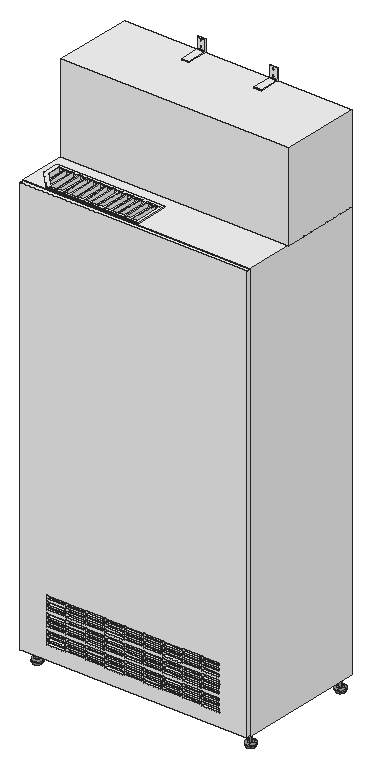
Revit family "AME 900 F SSL", category Mechanical Equipment, Revit 2019
Family settings
  Round Connector Dimension = Use Diameter
  Part Type = Normal
  OmniClass Number = 23.75.00.00
  OmniClass Title = Climate Control (HVAC)
  Work Plane-Based = No
  Always vertical = Yes
  Cut with Voids When Loaded = No
  Shared = No
  Room Calculation Point = No
Parameters
  not Flashing [instance] = not(Flashing)  # yes
  Weight (Standard Unit) = 301.5  # constant formula
  Water heating surface in = "1/2\" (DN 15)"
  Water heating surface Return = "1/2\" (DN 15)"
  Water Heater Surface Return = 15 mm  # constant formula
  Water Heater Surface IN = 15 mm  # constant formula
  Version = "1.0"
  URL = "www.airmaster-as.com"
  Total Width = 1150 mm  # constant formula
  Total Hight = 2120 mm  # constant formula
  Suply Air In = 315 mm  # constant formula
  Publication date = "11.06.2025"
  Nominal current, electrical preheating surface = "10 A"
  Nominal current, electrical comfort heating surface = "7,39 A"
  Nominal current, air handling unit = "2,76 A"
  Network Conection = "AWG 24 CAT 5e STP"
  Model = "AM 950 F SSL"
  Max. flow rate 35 dB(A) with ePM10 55% filters = 912.00 m³  # constant formula
  Max. flow rate 35 dB(A) with ePM10 50% filters = 915.00 m³  # constant formula
  Max. flow rate 30 dB(A) with ePM10 55% filters = 715.00 m³  # constant formula
  Max. flow rate 30 dB(A) with ePM10 50% filters = 730.00 m³  # constant formula
  Manufacturer = "Airmaster A/S"
  Maintenance [instance] = no
  Flashing [instance] = no
  Exhaust Air = 315 mm  # constant formula
  Total Depth = 661 mm  # constant formula
  Electrical connection = "220-240V/50Hz, ~1N+PE or 220-240V/50Hz, ~3N+PE"
  Drawn By = "LSB"
  Condensate conector = "Ø6/9 mm"
  Condensate = 9 mm  # constant formula
  BMS Panel = "(PTS) 2x2x0,6"
  BMS Out = "(PTS) 2x2x0,6"
  BMS IN = "(PTS) 2x2x0,6"
  Airflow area [instance] = no
Reference planes
  plane 1 "Center (Front/Back)": y = 0
  plane 2: z = -30
  plane 3 "Center (Left/Right)": x = 0
  plane 4 "Center L/S": y = -661
  plane 5 "Center L/T": x = -575
  plane 6 "Center L/U": x = 575
  plane 7 "TOP": z = 2090
Forms (mm)
  Extrusion 1, solid, material "AM Grey"
    sketch origin (0, 0, 2121) x (1, 0, 0) y (0, 1, 0)
      loop
        circle (-375, -200) r 157.5
      loop
        circle (-375, -200) r 154.5
    from 0 to 34
  Extrusion 2, solid, material "AM Grey"
    sketch origin (0, 0, 2121) x (-1, 0, 0) y (0, -1, 0)
      loop
        circle (-375, 200) r 157.5
      loop
        circle (-375, 200) r 154.5
    from 0 to 34
  Blend 3, void
    base sketch origin (50, 0, 2121) x (0, 1, 0) y (-1, 0, 0)
      loop
        line (-614.869, 458.066) -> (-614.869, 415.733) -> (-478.869, 484.733) -> (-478.869, 527.066) -> (-614.869, 458.066)
    top sketch origin (50, 0, 2121) x (0, 1, 0) y (-1, 0, 0)
      loop
        line (-478.869, 497.066) -> (-614.869, 428.066) -> (-614.869, 385.733) -> (-478.869, 454.733) -> (-478.869, 497.066)
    from 0 to -30
  Blend 4, void
    base sketch origin (99.25, 0, 2121) x (0, 1, 0) y (-1, 0, 0)
      loop
        line (-614.869, 458.066) -> (-614.869, 415.733) -> (-478.869, 484.733) -> (-478.869, 527.066) -> (-614.869, 458.066)
    top sketch origin (99.25, 0, 2121) x (0, 1, 0) y (-1, 0, 0)
      loop
        line (-478.869, 497.066) -> (-614.869, 428.066) -> (-614.869, 385.733) -> (-478.869, 454.733) -> (-478.869, 497.066)
    from 0 to -30
  Blend 5, void
    base sketch origin (148.5, 0, 2121) x (0, 1, 0) y (-1, 0, 0)
      loop
        line (-614.869, 458.066) -> (-614.869, 415.733) -> (-478.869, 484.733) -> (-478.869, 527.066) -> (-614.869, 458.066)
    top sketch origin (148.5, 0, 2121) x (0, 1, 0) y (-1, 0, 0)
      loop
        line (-478.869, 497.066) -> (-614.869, 428.066) -> (-614.869, 385.733) -> (-478.869, 454.733) -> (-478.869, 497.066)
    from 0 to -30
  Blend 6, void
    base sketch origin (197.75, 0, 2121) x (0, 1, 0) y (-1, 0, 0)
      loop
        line (-614.869, 458.066) -> (-614.869, 415.733) -> (-478.869, 484.733) -> (-478.869, 527.066) -> (-614.869, 458.066)
    top sketch origin (197.75, 0, 2121) x (0, 1, 0) y (-1, 0, 0)
      loop
        line (-478.869, 497.066) -> (-614.869, 428.066) -> (-614.869, 385.733) -> (-478.869, 454.733) -> (-478.869, 497.066)
    from 0 to -30
  Blend 7, void
    base sketch origin (247, 0, 2121) x (0, 1, 0) y (-1, 0, 0)
      loop
        line (-614.869, 458.066) -> (-614.869, 415.733) -> (-478.869, 484.733) -> (-478.869, 527.066) -> (-614.869, 458.066)
    top sketch origin (247, 0, 2121) x (0, 1, 0) y (-1, 0, 0)
      loop
        line (-478.869, 497.066) -> (-614.869, 428.066) -> (-614.869, 385.733) -> (-478.869, 454.733) -> (-478.869, 497.066)
    from 0 to -30
  Blend 8, void
    base sketch origin (296.25, 0, 2121) x (0, 1, 0) y (-1, 0, 0)
      loop
        line (-614.869, 458.066) -> (-614.869, 415.733) -> (-478.869, 484.733) -> (-478.869, 527.066) -> (-614.869, 458.066)
    top sketch origin (296.25, 0, 2121) x (0, 1, 0) y (-1, 0, 0)
      loop
        line (-478.869, 497.066) -> (-614.869, 428.066) -> (-614.869, 385.733) -> (-478.869, 454.733) -> (-478.869, 497.066)
    from 0 to -30
  Blend 9, void
    base sketch origin (345.5, 0, 2121) x (0, 1, 0) y (-1, 0, 0)
      loop
        line (-614.869, 458.066) -> (-614.869, 415.733) -> (-478.869, 484.733) -> (-478.869, 527.066) -> (-614.869, 458.066)
    top sketch origin (345.5, 0, 2121) x (0, 1, 0) y (-1, 0, 0)
      loop
        line (-478.869, 497.066) -> (-614.869, 428.066) -> (-614.869, 385.733) -> (-478.869, 454.733) -> (-478.869, 497.066)
    from 0 to -30
  Blend 10, void
    base sketch origin (-51, 0, 2121) x (0, -1, 0) y (1, 0, 0)
      loop
        line (614.869, 458.066) -> (478.869, 527.066) -> (478.869, 484.733) -> (614.869, 415.733) -> (614.869, 458.066)
    top sketch origin (-51, 0, 2121) x (0, -1, 0) y (1, 0, 0)
      loop
        line (478.869, 497.066) -> (478.869, 454.733) -> (614.869, 385.733) -> (614.869, 428.066) -> (478.869, 497.066)
    from 0 to -30
  Blend 11, void
    base sketch origin (-100.25, 0, 2121) x (0, -1, 0) y (1, 0, 0)
      loop
        line (614.869, 458.066) -> (478.869, 527.066) -> (478.869, 484.733) -> (614.869, 415.733) -> (614.869, 458.066)
    top sketch origin (-100.25, 0, 2121) x (0, -1, 0) y (1, 0, 0)
      loop
        line (478.869, 497.066) -> (478.869, 454.733) -> (614.869, 385.733) -> (614.869, 428.066) -> (478.869, 497.066)
    from 0 to -30
  Blend 12, void
    base sketch origin (-149.5, 0, 2121) x (0, -1, 0) y (1, 0, 0)
      loop
        line (614.869, 458.066) -> (478.869, 527.066) -> (478.869, 484.733) -> (614.869, 415.733) -> (614.869, 458.066)
    top sketch origin (-149.5, 0, 2121) x (0, -1, 0) y (1, 0, 0)
      loop
        line (478.869, 497.066) -> (478.869, 454.733) -> (614.869, 385.733) -> (614.869, 428.066) -> (478.869, 497.066)
    from 0 to -30
  Blend 13, void
    base sketch origin (-198.75, 0, 2121) x (0, -1, 0) y (1, 0, 0)
      loop
        line (614.869, 458.066) -> (478.869, 527.066) -> (478.869, 484.733) -> (614.869, 415.733) -> (614.869, 458.066)
    top sketch origin (-198.75, 0, 2121) x (0, -1, 0) y (1, 0, 0)
      loop
        line (478.869, 497.066) -> (478.869, 454.733) -> (614.869, 385.733) -> (614.869, 428.066) -> (478.869, 497.066)
    from 0 to -30
  Blend 14, void
    base sketch origin (-248, 0, 2121) x (0, -1, 0) y (1, 0, 0)
      loop
        line (614.869, 458.066) -> (478.869, 527.066) -> (478.869, 484.733) -> (614.869, 415.733) -> (614.869, 458.066)
    top sketch origin (-248, 0, 2121) x (0, -1, 0) y (1, 0, 0)
      loop
        line (478.869, 497.066) -> (478.869, 454.733) -> (614.869, 385.733) -> (614.869, 428.066) -> (478.869, 497.066)
    from 0 to -30
  Blend 15, void
    base sketch origin (-297.25, 0, 2121) x (0, -1, 0) y (1, 0, 0)
      loop
        line (614.869, 458.066) -> (478.869, 527.066) -> (478.869, 484.733) -> (614.869, 415.733) -> (614.869, 458.066)
    top sketch origin (-297.25, 0, 2121) x (0, -1, 0) y (1, 0, 0)
      loop
        line (478.869, 497.066) -> (478.869, 454.733) -> (614.869, 385.733) -> (614.869, 428.066) -> (478.869, 497.066)
    from 0 to -30
  Blend 16, void
    base sketch origin (-346.5, 0, 2121) x (0, -1, 0) y (1, 0, 0)
      loop
        line (614.869, 458.066) -> (478.869, 527.066) -> (478.869, 484.733) -> (614.869, 415.733) -> (614.869, 458.066)
    top sketch origin (-346.5, 0, 2121) x (0, -1, 0) y (1, 0, 0)
      loop
        line (478.869, 497.066) -> (478.869, 454.733) -> (614.869, 385.733) -> (614.869, 428.066) -> (478.869, 497.066)
    from 0 to -30
  Extrusion 17, solid, material "AM White"
    sketch origin (-528.607, 0, 0) x (1, 0, 0) y (0, 0, -1)
      loop
        line (12.024, -2140.408) -> (3.517, -2158.651) -> (15.062, -2175.14) -> (35.115, -2173.386) -> (43.622, -2155.142) -> (32.076, -2138.654) -> (12.024, -2140.408)
    from 0 to 34
  Extrusion 18, solid, material "AM White"
    sketch origin (0, 0, 44.5) x (1, 0, 0) y (0, 1, 0)
      loop
        line (-575, 0) -> (-575, -641) -> (575, -641) -> (575, 0) -> (-575, 0)
    from 0 to 2120 <- "Total Hight"
  Extrusion 19, solid, material "AM White", detail levels fine
    sketch origin (0, -661, 74.5) x (1, 0, 0) y (0, 0, -1)
      loop
        arc (-572.5, 30) -> (-574.268, 29.268) -> (-575, 27.5) r 2.5
        line (-575, 27.5) -> (-575, -2087.5)
        arc (-575, -2087.5) -> (-574.268, -2089.268) -> (-572.5, -2090) r 2.5
        line (-572.5, -2090) -> (572.5, -2090)
        arc (572.5, -2090) -> (574.268, -2089.268) -> (575, -2087.5) r 2.5
        line (575, -2087.5) -> (575, 27.5)
        arc (575, 27.5) -> (574.268, 29.268) -> (572.5, 30) r 2.5
        line (572.5, 30) -> (-572.5, 30)
    from 0 to 20
  Extrusion 20, solid, material "AM White", visible <- "not Flashing", detail levels fine
    sketch origin (-164, -474.5, 516.098) x (0, 1, 0) y (0, 0, -1)
      loop
        arc (474.5, -2098.402) -> (472.743, -2094.159) -> (468.5, -2092.402) r 6
        line (468.5, -2092.402) -> (369.5, -2092.402) -> (369.5, -2095.402) -> (468.5, -2095.402)
        arc (468.5, -2095.402) -> (470.621, -2096.28) -> (471.5, -2098.402) r 3
        line (471.5, -2098.402) -> (471.5, -2151.402) -> (474.5, -2151.402) -> (474.5, -2098.402)
    from 0 to 38
  Extrusion 21, solid, material "AM White", visible <- "not Flashing", detail levels fine
    sketch origin (202, -474.5, 516.098) x (0, 1, 0) y (0, 0, -1)
      loop
        arc (474.5, -2098.402) -> (472.743, -2094.159) -> (468.5, -2092.402) r 6
        line (468.5, -2092.402) -> (369.5, -2092.402) -> (369.5, -2095.402) -> (468.5, -2095.402)
        arc (468.5, -2095.402) -> (470.621, -2096.28) -> (471.5, -2098.402) r 3
        line (471.5, -2098.402) -> (471.5, -2151.402) -> (474.5, -2151.402) -> (474.5, -2098.402)
    from 0 to 38
  Extrusion 22, void
    sketch origin (0, -661, 109.5) x (1, 0, 0) y (0, 0, -1)
      loop
        arc (-438.016, -5) -> (-438.712, -5.288) -> (-439, -5.984) r 0.984
        line (-439, -5.984) -> (-439, -23.016)
        arc (-439, -23.016) -> (-438.712, -23.712) -> (-438.016, -24) r 0.984
        line (-438.016, -24) -> (-346.984, -24)
        arc (-346.984, -24) -> (-346.288, -23.712) -> (-346, -23.016) r 0.984
        line (-346, -23.016) -> (-346, -5.984)
        arc (-346, -5.984) -> (-346.288, -5.288) -> (-346.984, -5) r 0.984
        line (-346.984, -5) -> (-438.016, -5)
      loop
        arc (-438.016, -29) -> (-438.712, -29.288) -> (-439, -29.984) r 0.984
        line (-439, -29.984) -> (-439, -47.016)
        arc (-439, -47.016) -> (-438.712, -47.712) -> (-438.016, -48) r 0.984
        line (-438.016, -48) -> (-346.984, -48)
        arc (-346.984, -48) -> (-346.288, -47.712) -> (-346, -47.016) r 0.984
        line (-346, -47.016) -> (-346, -29.984)
        arc (-346, -29.984) -> (-346.288, -29.288) -> (-346.984, -29) r 0.984
        line (-346.984, -29) -> (-438.016, -29)
      loop
        arc (-438.016, -53) -> (-438.712, -53.288) -> (-439, -53.984) r 0.984
        line (-439, -53.984) -> (-439, -71.016)
        arc (-439, -71.016) -> (-438.712, -71.712) -> (-438.016, -72) r 0.984
        line (-438.016, -72) -> (-346.984, -72)
        arc (-346.984, -72) -> (-346.288, -71.712) -> (-346, -71.016) r 0.984
        line (-346, -71.016) -> (-346, -53.984)
        arc (-346, -53.984) -> (-346.288, -53.288) -> (-346.984, -53) r 0.984
        line (-346.984, -53) -> (-438.016, -53)
      loop
        arc (-438.016, -84) -> (-438.712, -84.288) -> (-439, -84.984) r 0.984
        line (-439, -84.984) -> (-439, -102.016)
        arc (-439, -102.016) -> (-438.712, -102.712) -> (-438.016, -103) r 0.984
        line (-438.016, -103) -> (-346.984, -103)
        arc (-346.984, -103) -> (-346.288, -102.712) -> (-346, -102.016) r 0.984
        line (-346, -102.016) -> (-346, -84.984)
        arc (-346, -84.984) -> (-346.288, -84.288) -> (-346.984, -84) r 0.984
        line (-346.984, -84) -> (-438.016, -84)
      loop
        arc (-438.016, -108) -> (-438.712, -108.288) -> (-439, -108.984) r 0.984
        line (-439, -108.984) -> (-439, -126.016)
        arc (-439, -126.016) -> (-438.712, -126.712) -> (-438.016, -127) r 0.984
        line (-438.016, -127) -> (-346.984, -127)
        arc (-346.984, -127) -> (-346.288, -126.712) -> (-346, -126.016) r 0.984
        line (-346, -126.016) -> (-346, -108.984)
        arc (-346, -108.984) -> (-346.288, -108.288) -> (-346.984, -108) r 0.984
        line (-346.984, -108) -> (-438.016, -108)
      loop
        arc (-438.016, -132) -> (-438.712, -132.288) -> (-439, -132.984) r 0.984
        line (-439, -132.984) -> (-439, -150.016)
        arc (-439, -150.016) -> (-438.712, -150.712) -> (-438.016, -151) r 0.984
        line (-438.016, -151) -> (-346.984, -151)
        arc (-346.984, -151) -> (-346.288, -150.712) -> (-346, -150.016) r 0.984
        line (-346, -150.016) -> (-346, -132.984)
        arc (-346, -132.984) -> (-346.288, -132.288) -> (-346.984, -132) r 0.984
        line (-346.984, -132) -> (-438.016, -132)
      loop
        arc (-438.016, -163) -> (-438.712, -163.288) -> (-439, -163.984) r 0.984
        line (-439, -163.984) -> (-439, -181.016)
        arc (-439, -181.016) -> (-438.712, -181.712) -> (-438.016, -182) r 0.984
        line (-438.016, -182) -> (-346.984, -182)
        arc (-346.984, -182) -> (-346.288, -181.712) -> (-346, -181.016) r 0.984
        line (-346, -181.016) -> (-346, -163.984)
        arc (-346, -163.984) -> (-346.288, -163.288) -> (-346.984, -163) r 0.984
        line (-346.984, -163) -> (-438.016, -163)
      loop
        arc (-438.016, -187) -> (-438.712, -187.288) -> (-439, -187.984) r 0.984
        line (-439, -187.984) -> (-439, -205.016)
        arc (-439, -205.016) -> (-438.712, -205.712) -> (-438.016, -206) r 0.984
        line (-438.016, -206) -> (-346.984, -206)
        arc (-346.984, -206) -> (-346.288, -205.712) -> (-346, -205.016) r 0.984
        line (-346, -205.016) -> (-346, -187.984)
        arc (-346, -187.984) -> (-346.288, -187.288) -> (-346.984, -187) r 0.984
        line (-346.984, -187) -> (-438.016, -187)
      loop
        arc (-438.016, -211) -> (-438.712, -211.288) -> (-439, -211.984) r 0.984
        line (-439, -211.984) -> (-439, -229.016)
        arc (-439, -229.016) -> (-438.712, -229.712) -> (-438.016, -230) r 0.984
        line (-438.016, -230) -> (-346.984, -230)
        arc (-346.984, -230) -> (-346.288, -229.712) -> (-346, -229.016) r 0.984
        line (-346, -229.016) -> (-346, -211.984)
        arc (-346, -211.984) -> (-346.288, -211.288) -> (-346.984, -211) r 0.984
        line (-346.984, -211) -> (-438.016, -211)
      loop
        arc (-340.016, -5) -> (-340.712, -5.288) -> (-341, -5.984) r 0.984
        line (-341, -5.984) -> (-341, -23.016)
        arc (-341, -23.016) -> (-340.712, -23.712) -> (-340.016, -24) r 0.984
        line (-340.016, -24) -> (-248.984, -24)
        arc (-248.984, -24) -> (-248.288, -23.712) -> (-248, -23.016) r 0.984
        line (-248, -23.016) -> (-248, -5.984)
        arc (-248, -5.984) -> (-248.288, -5.288) -> (-248.984, -5) r 0.984
        line (-248.984, -5) -> (-340.016, -5)
      loop
        arc (-340.016, -29) -> (-340.712, -29.288) -> (-341, -29.984) r 0.984
        line (-341, -29.984) -> (-341, -47.016)
        arc (-341, -47.016) -> (-340.712, -47.712) -> (-340.016, -48) r 0.984
        line (-340.016, -48) -> (-248.984, -48)
        arc (-248.984, -48) -> (-248.288, -47.712) -> (-248, -47.016) r 0.984
        line (-248, -47.016) -> (-248, -29.984)
        arc (-248, -29.984) -> (-248.288, -29.288) -> (-248.984, -29) r 0.984
        line (-248.984, -29) -> (-340.016, -29)
      loop
        arc (-340.016, -53) -> (-340.712, -53.288) -> (-341, -53.984) r 0.984
        line (-341, -53.984) -> (-341, -71.016)
        arc (-341, -71.016) -> (-340.712, -71.712) -> (-340.016, -72) r 0.984
        line (-340.016, -72) -> (-248.984, -72)
        arc (-248.984, -72) -> (-248.288, -71.712) -> (-248, -71.016) r 0.984
        line (-248, -71.016) -> (-248, -53.984)
        arc (-248, -53.984) -> (-248.288, -53.288) -> (-248.984, -53) r 0.984
        line (-248.984, -53) -> (-340.016, -53)
      loop
        arc (-340.016, -84) -> (-340.712, -84.288) -> (-341, -84.984) r 0.984
        line (-341, -84.984) -> (-341, -102.016)
        arc (-341, -102.016) -> (-340.712, -102.712) -> (-340.016, -103) r 0.984
        line (-340.016, -103) -> (-248.984, -103)
        arc (-248.984, -103) -> (-248.288, -102.712) -> (-248, -102.016) r 0.984
        line (-248, -102.016) -> (-248, -84.984)
        arc (-248, -84.984) -> (-248.288, -84.288) -> (-248.984, -84) r 0.984
        line (-248.984, -84) -> (-340.016, -84)
      loop
        arc (-340.016, -108) -> (-340.712, -108.288) -> (-341, -108.984) r 0.984
        line (-341, -108.984) -> (-341, -126.016)
        arc (-341, -126.016) -> (-340.712, -126.712) -> (-340.016, -127) r 0.984
        line (-340.016, -127) -> (-248.984, -127)
        arc (-248.984, -127) -> (-248.288, -126.712) -> (-248, -126.016) r 0.984
        line (-248, -126.016) -> (-248, -108.984)
        arc (-248, -108.984) -> (-248.288, -108.288) -> (-248.984, -108) r 0.984
        line (-248.984, -108) -> (-340.016, -108)
      loop
        arc (-340.016, -132) -> (-340.712, -132.288) -> (-341, -132.984) r 0.984
        line (-341, -132.984) -> (-341, -150.016)
        arc (-341, -150.016) -> (-340.712, -150.712) -> (-340.016, -151) r 0.984
        line (-340.016, -151) -> (-248.984, -151)
        arc (-248.984, -151) -> (-248.288, -150.712) -> (-248, -150.016) r 0.984
        line (-248, -150.016) -> (-248, -132.984)
        arc (-248, -132.984) -> (-248.288, -132.288) -> (-248.984, -132) r 0.984
        line (-248.984, -132) -> (-340.016, -132)
      loop
        arc (-340.016, -163) -> (-340.712, -163.288) -> (-341, -163.984) r 0.984
        line (-341, -163.984) -> (-341, -181.016)
        arc (-341, -181.016) -> (-340.712, -181.712) -> (-340.016, -182) r 0.984
        line (-340.016, -182) -> (-248.984, -182)
        arc (-248.984, -182) -> (-248.288, -181.712) -> (-248, -181.016) r 0.984
        line (-248, -181.016) -> (-248, -163.984)
        arc (-248, -163.984) -> (-248.288, -163.288) -> (-248.984, -163) r 0.984
        line (-248.984, -163) -> (-340.016, -163)
      loop
        arc (-340.016, -187) -> (-340.712, -187.288) -> (-341, -187.984) r 0.984
        line (-341, -187.984) -> (-341, -205.016)
        arc (-341, -205.016) -> (-340.712, -205.712) -> (-340.016, -206) r 0.984
        line (-340.016, -206) -> (-248.984, -206)
        arc (-248.984, -206) -> (-248.288, -205.712) -> (-248, -205.016) r 0.984
        line (-248, -205.016) -> (-248, -187.984)
        arc (-248, -187.984) -> (-248.288, -187.288) -> (-248.984, -187) r 0.984
        line (-248.984, -187) -> (-340.016, -187)
      loop
        arc (-340.016, -211) -> (-340.712, -211.288) -> (-341, -211.984) r 0.984
        line (-341, -211.984) -> (-341, -229.016)
        arc (-341, -229.016) -> (-340.712, -229.712) -> (-340.016, -230) r 0.984
        line (-340.016, -230) -> (-248.984, -230)
        arc (-248.984, -230) -> (-248.288, -229.712) -> (-248, -229.016) r 0.984
        line (-248, -229.016) -> (-248, -211.984)
        arc (-248, -211.984) -> (-248.288, -211.288) -> (-248.984, -211) r 0.984
        line (-248.984, -211) -> (-340.016, -211)
      loop
        arc (-242.016, -5) -> (-242.712, -5.288) -> (-243, -5.984) r 0.984
        line (-243, -5.984) -> (-243, -23.016)
        arc (-243, -23.016) -> (-242.712, -23.712) -> (-242.016, -24) r 0.984
        line (-242.016, -24) -> (-150.984, -24)
        arc (-150.984, -24) -> (-150.288, -23.712) -> (-150, -23.016) r 0.984
        line (-150, -23.016) -> (-150, -5.984)
        arc (-150, -5.984) -> (-150.288, -5.288) -> (-150.984, -5) r 0.984
        line (-150.984, -5) -> (-242.016, -5)
      loop
        arc (-242.016, -29) -> (-242.712, -29.288) -> (-243, -29.984) r 0.984
        line (-243, -29.984) -> (-243, -47.016)
        arc (-243, -47.016) -> (-242.712, -47.712) -> (-242.016, -48) r 0.984
        line (-242.016, -48) -> (-150.984, -48)
        arc (-150.984, -48) -> (-150.288, -47.712) -> (-150, -47.016) r 0.984
        line (-150, -47.016) -> (-150, -29.984)
        arc (-150, -29.984) -> (-150.288, -29.288) -> (-150.984, -29) r 0.984
        line (-150.984, -29) -> (-242.016, -29)
      loop
        arc (-242.016, -53) -> (-242.712, -53.288) -> (-243, -53.984) r 0.984
        line (-243, -53.984) -> (-243, -71.016)
        arc (-243, -71.016) -> (-242.712, -71.712) -> (-242.016, -72) r 0.984
        line (-242.016, -72) -> (-150.984, -72)
        arc (-150.984, -72) -> (-150.288, -71.712) -> (-150, -71.016) r 0.984
        line (-150, -71.016) -> (-150, -53.984)
        arc (-150, -53.984) -> (-150.288, -53.288) -> (-150.984, -53) r 0.984
        line (-150.984, -53) -> (-242.016, -53)
      loop
        arc (-242.016, -84) -> (-242.712, -84.288) -> (-243, -84.984) r 0.984
        line (-243, -84.984) -> (-243, -102.016)
        arc (-243, -102.016) -> (-242.712, -102.712) -> (-242.016, -103) r 0.984
        line (-242.016, -103) -> (-150.984, -103)
        arc (-150.984, -103) -> (-150.288, -102.712) -> (-150, -102.016) r 0.984
        line (-150, -102.016) -> (-150, -84.984)
        arc (-150, -84.984) -> (-150.288, -84.288) -> (-150.984, -84) r 0.984
        line (-150.984, -84) -> (-242.016, -84)
      loop
        arc (-242.016, -108) -> (-242.712, -108.288) -> (-243, -108.984) r 0.984
        line (-243, -108.984) -> (-243, -126.016)
        arc (-243, -126.016) -> (-242.712, -126.712) -> (-242.016, -127) r 0.984
        line (-242.016, -127) -> (-150.984, -127)
        arc (-150.984, -127) -> (-150.288, -126.712) -> (-150, -126.016) r 0.984
        line (-150, -126.016) -> (-150, -108.984)
        arc (-150, -108.984) -> (-150.288, -108.288) -> (-150.984, -108) r 0.984
        line (-150.984, -108) -> (-242.016, -108)
      loop
        arc (-242.016, -132) -> (-242.712, -132.288) -> (-243, -132.984) r 0.984
        line (-243, -132.984) -> (-243, -150.016)
        arc (-243, -150.016) -> (-242.712, -150.712) -> (-242.016, -151) r 0.984
        line (-242.016, -151) -> (-150.984, -151)
        arc (-150.984, -151) -> (-150.288, -150.712) -> (-150, -150.016) r 0.984
        line (-150, -150.016) -> (-150, -132.984)
        arc (-150, -132.984) -> (-150.288, -132.288) -> (-150.984, -132) r 0.984
        line (-150.984, -132) -> (-242.016, -132)
      loop
        arc (-242.016, -163) -> (-242.712, -163.288) -> (-243, -163.984) r 0.984
        line (-243, -163.984) -> (-243, -181.016)
        arc (-243, -181.016) -> (-242.712, -181.712) -> (-242.016, -182) r 0.984
        line (-242.016, -182) -> (-150.984, -182)
        arc (-150.984, -182) -> (-150.288, -181.712) -> (-150, -181.016) r 0.984
        line (-150, -181.016) -> (-150, -163.984)
        arc (-150, -163.984) -> (-150.288, -163.288) -> (-150.984, -163) r 0.984
        line (-150.984, -163) -> (-242.016, -163)
      loop
        arc (-242.016, -187) -> (-242.712, -187.288) -> (-243, -187.984) r 0.984
        line (-243, -187.984) -> (-243, -205.016)
        arc (-243, -205.016) -> (-242.712, -205.712) -> (-242.016, -206) r 0.984
        line (-242.016, -206) -> (-150.984, -206)
        arc (-150.984, -206) -> (-150.288, -205.712) -> (-150, -205.016) r 0.984
        line (-150, -205.016) -> (-150, -187.984)
        arc (-150, -187.984) -> (-150.288, -187.288) -> (-150.984, -187) r 0.984
        line (-150.984, -187) -> (-242.016, -187)
      loop
        arc (-242.016, -211) -> (-242.712, -211.288) -> (-243, -211.984) r 0.984
        line (-243, -211.984) -> (-243, -229.016)
        arc (-243, -229.016) -> (-242.712, -229.712) -> (-242.016, -230) r 0.984
        line (-242.016, -230) -> (-150.984, -230)
        arc (-150.984, -230) -> (-150.288, -229.712) -> (-150, -229.016) r 0.984
        line (-150, -229.016) -> (-150, -211.984)
        arc (-150, -211.984) -> (-150.288, -211.288) -> (-150.984, -211) r 0.984
        line (-150.984, -211) -> (-242.016, -211)
      loop
        arc (-144.016, -5) -> (-144.712, -5.288) -> (-145, -5.984) r 0.984
        line (-145, -5.984) -> (-145, -23.016)
        arc (-145, -23.016) -> (-144.712, -23.712) -> (-144.016, -24) r 0.984
        line (-144.016, -24) -> (-52.984, -24)
        arc (-52.984, -24) -> (-52.288, -23.712) -> (-52, -23.016) r 0.984
        line (-52, -23.016) -> (-52, -5.984)
        arc (-52, -5.984) -> (-52.288, -5.288) -> (-52.984, -5) r 0.984
        line (-52.984, -5) -> (-144.016, -5)
      loop
        arc (-144.016, -29) -> (-144.712, -29.288) -> (-145, -29.984) r 0.984
        line (-145, -29.984) -> (-145, -47.016)
        arc (-145, -47.016) -> (-144.712, -47.712) -> (-144.016, -48) r 0.984
        line (-144.016, -48) -> (-52.984, -48)
        arc (-52.984, -48) -> (-52.288, -47.712) -> (-52, -47.016) r 0.984
        line (-52, -47.016) -> (-52, -29.984)
        arc (-52, -29.984) -> (-52.288, -29.288) -> (-52.984, -29) r 0.984
        line (-52.984, -29) -> (-144.016, -29)
      loop
        arc (-144.016, -53) -> (-144.712, -53.288) -> (-145, -53.984) r 0.984
        line (-145, -53.984) -> (-145, -71.016)
        arc (-145, -71.016) -> (-144.712, -71.712) -> (-144.016, -72) r 0.984
        line (-144.016, -72) -> (-52.984, -72)
        arc (-52.984, -72) -> (-52.288, -71.712) -> (-52, -71.016) r 0.984
        line (-52, -71.016) -> (-52, -53.984)
        arc (-52, -53.984) -> (-52.288, -53.288) -> (-52.984, -53) r 0.984
        line (-52.984, -53) -> (-144.016, -53)
      loop
        arc (-144.016, -84) -> (-144.712, -84.288) -> (-145, -84.984) r 0.984
        line (-145, -84.984) -> (-145, -102.016)
        arc (-145, -102.016) -> (-144.712, -102.712) -> (-144.016, -103) r 0.984
        line (-144.016, -103) -> (-52.984, -103)
        arc (-52.984, -103) -> (-52.288, -102.712) -> (-52, -102.016) r 0.984
        line (-52, -102.016) -> (-52, -84.984)
        arc (-52, -84.984) -> (-52.288, -84.288) -> (-52.984, -84) r 0.984
        line (-52.984, -84) -> (-144.016, -84)
      loop
        arc (-144.016, -108) -> (-144.712, -108.288) -> (-145, -108.984) r 0.984
        line (-145, -108.984) -> (-145, -126.016)
        arc (-145, -126.016) -> (-144.712, -126.712) -> (-144.016, -127) r 0.984
        line (-144.016, -127) -> (-52.984, -127)
        arc (-52.984, -127) -> (-52.288, -126.712) -> (-52, -126.016) r 0.984
        line (-52, -126.016) -> (-52, -108.984)
        arc (-52, -108.984) -> (-52.288, -108.288) -> (-52.984, -108) r 0.984
        line (-52.984, -108) -> (-144.016, -108)
      loop
        arc (-144.016, -132) -> (-144.712, -132.288) -> (-145, -132.984) r 0.984
        line (-145, -132.984) -> (-145, -150.016)
        arc (-145, -150.016) -> (-144.712, -150.712) -> (-144.016, -151) r 0.984
        line (-144.016, -151) -> (-52.984, -151)
        arc (-52.984, -151) -> (-52.288, -150.712) -> (-52, -150.016) r 0.984
        line (-52, -150.016) -> (-52, -132.984)
        arc (-52, -132.984) -> (-52.288, -132.288) -> (-52.984, -132) r 0.984
        line (-52.984, -132) -> (-144.016, -132)
      loop
        arc (-144.016, -163) -> (-144.712, -163.288) -> (-145, -163.984) r 0.984
        line (-145, -163.984) -> (-145, -181.016)
        arc (-145, -181.016) -> (-144.712, -181.712) -> (-144.016, -182) r 0.984
        line (-144.016, -182) -> (-52.984, -182)
        arc (-52.984, -182) -> (-52.288, -181.712) -> (-52, -181.016) r 0.984
        line (-52, -181.016) -> (-52, -163.984)
        arc (-52, -163.984) -> (-52.288, -163.288) -> (-52.984, -163) r 0.984
        line (-52.984, -163) -> (-144.016, -163)
      loop
        arc (-144.016, -187) -> (-144.712, -187.288) -> (-145, -187.984) r 0.984
        line (-145, -187.984) -> (-145, -205.016)
        arc (-145, -205.016) -> (-144.712, -205.712) -> (-144.016, -206) r 0.984
        line (-144.016, -206) -> (-52.984, -206)
        arc (-52.984, -206) -> (-52.288, -205.712) -> (-52, -205.016) r 0.984
        line (-52, -205.016) -> (-52, -187.984)
        arc (-52, -187.984) -> (-52.288, -187.288) -> (-52.984, -187) r 0.984
        line (-52.984, -187) -> (-144.016, -187)
      loop
        arc (-144.016, -211) -> (-144.712, -211.288) -> (-145, -211.984) r 0.984
        line (-145, -211.984) -> (-145, -229.016)
        arc (-145, -229.016) -> (-144.712, -229.712) -> (-144.016, -230) r 0.984
        line (-144.016, -230) -> (-52.984, -230)
        arc (-52.984, -230) -> (-52.288, -229.712) -> (-52, -229.016) r 0.984
        line (-52, -229.016) -> (-52, -211.984)
        arc (-52, -211.984) -> (-52.288, -211.288) -> (-52.984, -211) r 0.984
        line (-52.984, -211) -> (-144.016, -211)
      loop
        arc (-46.016, -5) -> (-46.712, -5.288) -> (-47, -5.984) r 0.984
        line (-47, -5.984) -> (-47, -23.016)
        arc (-47, -23.016) -> (-46.712, -23.712) -> (-46.016, -24) r 0.984
        line (-46.016, -24) -> (45.016, -24)
        arc (45.016, -24) -> (45.712, -23.712) -> (46, -23.016) r 0.984
        line (46, -23.016) -> (46, -5.984)
        arc (46, -5.984) -> (45.712, -5.288) -> (45.016, -5) r 0.984
        line (45.016, -5) -> (-46.016, -5)
      loop
        arc (-46.016, -29) -> (-46.712, -29.288) -> (-47, -29.984) r 0.984
        line (-47, -29.984) -> (-47, -47.016)
        arc (-47, -47.016) -> (-46.712, -47.712) -> (-46.016, -48) r 0.984
        line (-46.016, -48) -> (45.016, -48)
        arc (45.016, -48) -> (45.712, -47.712) -> (46, -47.016) r 0.984
        line (46, -47.016) -> (46, -29.984)
        arc (46, -29.984) -> (45.712, -29.288) -> (45.016, -29) r 0.984
        line (45.016, -29) -> (-46.016, -29)
      loop
        arc (-46.016, -53) -> (-46.712, -53.288) -> (-47, -53.984) r 0.984
        line (-47, -53.984) -> (-47, -71.016)
        arc (-47, -71.016) -> (-46.712, -71.712) -> (-46.016, -72) r 0.984
        line (-46.016, -72) -> (45.016, -72)
        arc (45.016, -72) -> (45.712, -71.712) -> (46, -71.016) r 0.984
        line (46, -71.016) -> (46, -53.984)
        arc (46, -53.984) -> (45.712, -53.288) -> (45.016, -53) r 0.984
        line (45.016, -53) -> (-46.016, -53)
      loop
        arc (-46.016, -84) -> (-46.712, -84.288) -> (-47, -84.984) r 0.984
        line (-47, -84.984) -> (-47, -102.016)
        arc (-47, -102.016) -> (-46.712, -102.712) -> (-46.016, -103) r 0.984
        line (-46.016, -103) -> (45.016, -103)
        arc (45.016, -103) -> (45.712, -102.712) -> (46, -102.016) r 0.984
        line (46, -102.016) -> (46, -84.984)
        arc (46, -84.984) -> (45.712, -84.288) -> (45.016, -84) r 0.984
        line (45.016, -84) -> (-46.016, -84)
      loop
        arc (-46.016, -108) -> (-46.712, -108.288) -> (-47, -108.984) r 0.984
        line (-47, -108.984) -> (-47, -126.016)
        arc (-47, -126.016) -> (-46.712, -126.712) -> (-46.016, -127) r 0.984
        line (-46.016, -127) -> (45.016, -127)
        arc (45.016, -127) -> (45.712, -126.712) -> (46, -126.016) r 0.984
        line (46, -126.016) -> (46, -108.984)
        arc (46, -108.984) -> (45.712, -108.288) -> (45.016, -108) r 0.984
        line (45.016, -108) -> (-46.016, -108)
      loop
        arc (-46.016, -132) -> (-46.712, -132.288) -> (-47, -132.984) r 0.984
        line (-47, -132.984) -> (-47, -150.016)
        arc (-47, -150.016) -> (-46.712, -150.712) -> (-46.016, -151) r 0.984
        line (-46.016, -151) -> (45.016, -151)
        arc (45.016, -151) -> (45.712, -150.712) -> (46, -150.016) r 0.984
        line (46, -150.016) -> (46, -132.984)
        arc (46, -132.984) -> (45.712, -132.288) -> (45.016, -132) r 0.984
        line (45.016, -132) -> (-46.016, -132)
      loop
        arc (-46.016, -163) -> (-46.712, -163.288) -> (-47, -163.984) r 0.984
        line (-47, -163.984) -> (-47, -181.016)
        arc (-47, -181.016) -> (-46.712, -181.712) -> (-46.016, -182) r 0.984
        line (-46.016, -182) -> (45.016, -182)
        arc (45.016, -182) -> (45.712, -181.712) -> (46, -181.016) r 0.984
        line (46, -181.016) -> (46, -163.984)
        arc (46, -163.984) -> (45.712, -163.288) -> (45.016, -163) r 0.984
        line (45.016, -163) -> (-46.016, -163)
      loop
        arc (-46.016, -187) -> (-46.712, -187.288) -> (-47, -187.984) r 0.984
        line (-47, -187.984) -> (-47, -205.016)
        arc (-47, -205.016) -> (-46.712, -205.712) -> (-46.016, -206) r 0.984
        line (-46.016, -206) -> (45.016, -206)
        arc (45.016, -206) -> (45.712, -205.712) -> (46, -205.016) r 0.984
        line (46, -205.016) -> (46, -187.984)
        arc (46, -187.984) -> (45.712, -187.288) -> (45.016, -187) r 0.984
        line (45.016, -187) -> (-46.016, -187)
      loop
        arc (-46.016, -211) -> (-46.712, -211.288) -> (-47, -211.984) r 0.984
        line (-47, -211.984) -> (-47, -229.016)
        arc (-47, -229.016) -> (-46.712, -229.712) -> (-46.016, -230) r 0.984
        line (-46.016, -230) -> (45.016, -230)
        arc (45.016, -230) -> (45.712, -229.712) -> (46, -229.016) r 0.984
        line (46, -229.016) -> (46, -211.984)
        arc (46, -211.984) -> (45.712, -211.288) -> (45.016, -211) r 0.984
        line (45.016, -211) -> (-46.016, -211)
      loop
        arc (51.984, -5) -> (51.288, -5.288) -> (51, -5.984) r 0.984
        line (51, -5.984) -> (51, -23.016)
        arc (51, -23.016) -> (51.288, -23.712) -> (51.984, -24) r 0.984
        line (51.984, -24) -> (143.016, -24)
        arc (143.016, -24) -> (143.712, -23.712) -> (144, -23.016) r 0.984
        line (144, -23.016) -> (144, -5.984)
        arc (144, -5.984) -> (143.712, -5.288) -> (143.016, -5) r 0.984
        line (143.016, -5) -> (51.984, -5)
      loop
        arc (51.984, -29) -> (51.288, -29.288) -> (51, -29.984) r 0.984
        line (51, -29.984) -> (51, -47.016)
        arc (51, -47.016) -> (51.288, -47.712) -> (51.984, -48) r 0.984
        line (51.984, -48) -> (143.016, -48)
        arc (143.016, -48) -> (143.712, -47.712) -> (144, -47.016) r 0.984
        line (144, -47.016) -> (144, -29.984)
        arc (144, -29.984) -> (143.712, -29.288) -> (143.016, -29) r 0.984
        line (143.016, -29) -> (51.984, -29)
      loop
        arc (51.984, -53) -> (51.288, -53.288) -> (51, -53.984) r 0.984
        line (51, -53.984) -> (51, -71.016)
        arc (51, -71.016) -> (51.288, -71.712) -> (51.984, -72) r 0.984
        line (51.984, -72) -> (143.016, -72)
        arc (143.016, -72) -> (143.712, -71.712) -> (144, -71.016) r 0.984
        line (144, -71.016) -> (144, -53.984)
        arc (144, -53.984) -> (143.712, -53.288) -> (143.016, -53) r 0.984
        line (143.016, -53) -> (51.984, -53)
      loop
        arc (51.984, -84) -> (51.288, -84.288) -> (51, -84.984) r 0.984
        line (51, -84.984) -> (51, -102.016)
        arc (51, -102.016) -> (51.288, -102.712) -> (51.984, -103) r 0.984
        line (51.984, -103) -> (143.016, -103)
        arc (143.016, -103) -> (143.712, -102.712) -> (144, -102.016) r 0.984
        line (144, -102.016) -> (144, -84.984)
        arc (144, -84.984) -> (143.712, -84.288) -> (143.016, -84) r 0.984
        line (143.016, -84) -> (51.984, -84)
      loop
        arc (51.984, -108) -> (51.288, -108.288) -> (51, -108.984) r 0.984
        line (51, -108.984) -> (51, -126.016)
        arc (51, -126.016) -> (51.288, -126.712) -> (51.984, -127) r 0.984
        line (51.984, -127) -> (143.016, -127)
        arc (143.016, -127) -> (143.712, -126.712) -> (144, -126.016) r 0.984
        line (144, -126.016) -> (144, -108.984)
        arc (144, -108.984) -> (143.712, -108.288) -> (143.016, -108) r 0.984
        line (143.016, -108) -> (51.984, -108)
      loop
        arc (51.984, -132) -> (51.288, -132.288) -> (51, -132.984) r 0.984
        line (51, -132.984) -> (51, -150.016)
        arc (51, -150.016) -> (51.288, -150.712) -> (51.984, -151) r 0.984
        line (51.984, -151) -> (143.016, -151)
        arc (143.016, -151) -> (143.712, -150.712) -> (144, -150.016) r 0.984
        line (144, -150.016) -> (144, -132.984)
        arc (144, -132.984) -> (143.712, -132.288) -> (143.016, -132) r 0.984
        line (143.016, -132) -> (51.984, -132)
      loop
        arc (51.984, -163) -> (51.288, -163.288) -> (51, -163.984) r 0.984
        line (51, -163.984) -> (51, -181.016)
        arc (51, -181.016) -> (51.288, -181.712) -> (51.984, -182) r 0.984
        line (51.984, -182) -> (143.016, -182)
        arc (143.016, -182) -> (143.712, -181.712) -> (144, -181.016) r 0.984
        line (144, -181.016) -> (144, -163.984)
        arc (144, -163.984) -> (143.712, -163.288) -> (143.016, -163) r 0.984
        line (143.016, -163) -> (51.984, -163)
      loop
        arc (51.984, -187) -> (51.288, -187.288) -> (51, -187.984) r 0.984
        line (51, -187.984) -> (51, -205.016)
        arc (51, -205.016) -> (51.288, -205.712) -> (51.984, -206) r 0.984
        line (51.984, -206) -> (143.016, -206)
        arc (143.016, -206) -> (143.712, -205.712) -> (144, -205.016) r 0.984
        line (144, -205.016) -> (144, -187.984)
        arc (144, -187.984) -> (143.712, -187.288) -> (143.016, -187) r 0.984
        line (143.016, -187) -> (51.984, -187)
      loop
        arc (51.984, -211) -> (51.288, -211.288) -> (51, -211.984) r 0.984
        line (51, -211.984) -> (51, -229.016)
        arc (51, -229.016) -> (51.288, -229.712) -> (51.984, -230) r 0.984
        line (51.984, -230) -> (143.016, -230)
        arc (143.016, -230) -> (143.712, -229.712) -> (144, -229.016) r 0.984
        line (144, -229.016) -> (144, -211.984)
        arc (144, -211.984) -> (143.712, -211.288) -> (143.016, -211) r 0.984
        line (143.016, -211) -> (51.984, -211)
      loop
        arc (149.984, -5) -> (149.288, -5.288) -> (149, -5.984) r 0.984
        line (149, -5.984) -> (149, -23.016)
        arc (149, -23.016) -> (149.288, -23.712) -> (149.984, -24) r 0.984
        line (149.984, -24) -> (241.016, -24)
        arc (241.016, -24) -> (241.712, -23.712) -> (242, -23.016) r 0.984
        line (242, -23.016) -> (242, -5.984)
        arc (242, -5.984) -> (241.712, -5.288) -> (241.016, -5) r 0.984
        line (241.016, -5) -> (149.984, -5)
      loop
        arc (149.984, -29) -> (149.288, -29.288) -> (149, -29.984) r 0.984
        line (149, -29.984) -> (149, -47.016)
        arc (149, -47.016) -> (149.288, -47.712) -> (149.984, -48) r 0.984
        line (149.984, -48) -> (241.016, -48)
        arc (241.016, -48) -> (241.712, -47.712) -> (242, -47.016) r 0.984
        line (242, -47.016) -> (242, -29.984)
        arc (242, -29.984) -> (241.712, -29.288) -> (241.016, -29) r 0.984
        line (241.016, -29) -> (149.984, -29)
      loop
        arc (149.984, -53) -> (149.288, -53.288) -> (149, -53.984) r 0.984
        line (149, -53.984) -> (149, -71.016)
        arc (149, -71.016) -> (149.288, -71.712) -> (149.984, -72) r 0.984
        line (149.984, -72) -> (241.016, -72)
        arc (241.016, -72) -> (241.712, -71.712) -> (242, -71.016) r 0.984
        line (242, -71.016) -> (242, -53.984)
        arc (242, -53.984) -> (241.712, -53.288) -> (241.016, -53) r 0.984
        line (241.016, -53) -> (149.984, -53)
      loop
        arc (149.984, -84) -> (149.288, -84.288) -> (149, -84.984) r 0.984
        line (149, -84.984) -> (149, -102.016)
        arc (149, -102.016) -> (149.288, -102.712) -> (149.984, -103) r 0.984
        line (149.984, -103) -> (241.016, -103)
        arc (241.016, -103) -> (241.712, -102.712) -> (242, -102.016) r 0.984
        line (242, -102.016) -> (242, -84.984)
        arc (242, -84.984) -> (241.712, -84.288) -> (241.016, -84) r 0.984
        line (241.016, -84) -> (149.984, -84)
      loop
        arc (149.984, -108) -> (149.288, -108.288) -> (149, -108.984) r 0.984
        line (149, -108.984) -> (149, -126.016)
        arc (149, -126.016) -> (149.288, -126.712) -> (149.984, -127) r 0.984
        line (149.984, -127) -> (241.016, -127)
        arc (241.016, -127) -> (241.712, -126.712) -> (242, -126.016) r 0.984
        line (242, -126.016) -> (242, -108.984)
        arc (242, -108.984) -> (241.712, -108.288) -> (241.016, -108) r 0.984
        line (241.016, -108) -> (149.984, -108)
      loop
        arc (149.984, -132) -> (149.288, -132.288) -> (149, -132.984) r 0.984
        line (149, -132.984) -> (149, -150.016)
        arc (149, -150.016) -> (149.288, -150.712) -> (149.984, -151) r 0.984
        line (149.984, -151) -> (241.016, -151)
        arc (241.016, -151) -> (241.712, -150.712) -> (242, -150.016) r 0.984
        line (242, -150.016) -> (242, -132.984)
        arc (242, -132.984) -> (241.712, -132.288) -> (241.016, -132) r 0.984
        line (241.016, -132) -> (149.984, -132)
      loop
        arc (149.984, -163) -> (149.288, -163.288) -> (149, -163.984) r 0.984
        line (149, -163.984) -> (149, -181.016)
        arc (149, -181.016) -> (149.288, -181.712) -> (149.984, -182) r 0.984
        line (149.984, -182) -> (241.016, -182)
        arc (241.016, -182) -> (241.712, -181.712) -> (242, -181.016) r 0.984
        line (242, -181.016) -> (242, -163.984)
        arc (242, -163.984) -> (241.712, -163.288) -> (241.016, -163) r 0.984
        line (241.016, -163) -> (149.984, -163)
      loop
        arc (149.984, -187) -> (149.288, -187.288) -> (149, -187.984) r 0.984
        line (149, -187.984) -> (149, -205.016)
        arc (149, -205.016) -> (149.288, -205.712) -> (149.984, -206) r 0.984
        line (149.984, -206) -> (241.016, -206)
        arc (241.016, -206) -> (241.712, -205.712) -> (242, -205.016) r 0.984
        line (242, -205.016) -> (242, -187.984)
        arc (242, -187.984) -> (241.712, -187.288) -> (241.016, -187) r 0.984
        line (241.016, -187) -> (149.984, -187)
      loop
        arc (149.984, -211) -> (149.288, -211.288) -> (149, -211.984) r 0.984
        line (149, -211.984) -> (149, -229.016)
        arc (149, -229.016) -> (149.288, -229.712) -> (149.984, -230) r 0.984
        line (149.984, -230) -> (241.016, -230)
        arc (241.016, -230) -> (241.712, -229.712) -> (242, -229.016) r 0.984
        line (242, -229.016) -> (242, -211.984)
        arc (242, -211.984) -> (241.712, -211.288) -> (241.016, -211) r 0.984
        line (241.016, -211) -> (149.984, -211)
      loop
        arc (247.984, -5) -> (247.288, -5.288) -> (247, -5.984) r 0.984
        line (247, -5.984) -> (247, -23.016)
        arc (247, -23.016) -> (247.288, -23.712) -> (247.984, -24) r 0.984
        line (247.984, -24) -> (339.016, -24)
        arc (339.016, -24) -> (339.712, -23.712) -> (340, -23.016) r 0.984
        line (340, -23.016) -> (340, -5.984)
        arc (340, -5.984) -> (339.712, -5.288) -> (339.016, -5) r 0.984
        line (339.016, -5) -> (247.984, -5)
      loop
        arc (247.984, -29) -> (247.288, -29.288) -> (247, -29.984) r 0.984
        line (247, -29.984) -> (247, -47.016)
        arc (247, -47.016) -> (247.288, -47.712) -> (247.984, -48) r 0.984
        line (247.984, -48) -> (339.016, -48)
        arc (339.016, -48) -> (339.712, -47.712) -> (340, -47.016) r 0.984
        line (340, -47.016) -> (340, -29.984)
        arc (340, -29.984) -> (339.712, -29.288) -> (339.016, -29) r 0.984
        line (339.016, -29) -> (247.984, -29)
      loop
        arc (247.984, -53) -> (247.288, -53.288) -> (247, -53.984) r 0.984
        line (247, -53.984) -> (247, -71.016)
        arc (247, -71.016) -> (247.288, -71.712) -> (247.984, -72) r 0.984
        line (247.984, -72) -> (339.016, -72)
        arc (339.016, -72) -> (339.712, -71.712) -> (340, -71.016) r 0.984
        line (340, -71.016) -> (340, -53.984)
        arc (340, -53.984) -> (339.712, -53.288) -> (339.016, -53) r 0.984
        line (339.016, -53) -> (247.984, -53)
      loop
        arc (247.984, -84) -> (247.288, -84.288) -> (247, -84.984) r 0.984
        line (247, -84.984) -> (247, -102.016)
        arc (247, -102.016) -> (247.288, -102.712) -> (247.984, -103) r 0.984
        line (247.984, -103) -> (339.016, -103)
        arc (339.016, -103) -> (339.712, -102.712) -> (340, -102.016) r 0.984
        line (340, -102.016) -> (340, -84.984)
        arc (340, -84.984) -> (339.712, -84.288) -> (339.016, -84) r 0.984
        line (339.016, -84) -> (247.984, -84)
      loop
        arc (247.984, -108) -> (247.288, -108.288) -> (247, -108.984) r 0.984
        line (247, -108.984) -> (247, -126.016)
        arc (247, -126.016) -> (247.288, -126.712) -> (247.984, -127) r 0.984
        line (247.984, -127) -> (339.016, -127)
        arc (339.016, -127) -> (339.712, -126.712) -> (340, -126.016) r 0.984
        line (340, -126.016) -> (340, -108.984)
        arc (340, -108.984) -> (339.712, -108.288) -> (339.016, -108) r 0.984
        line (339.016, -108) -> (247.984, -108)
      loop
        arc (247.984, -132) -> (247.288, -132.288) -> (247, -132.984) r 0.984
        line (247, -132.984) -> (247, -150.016)
        arc (247, -150.016) -> (247.288, -150.712) -> (247.984, -151) r 0.984
        line (247.984, -151) -> (339.016, -151)
        arc (339.016, -151) -> (339.712, -150.712) -> (340, -150.016) r 0.984
        line (340, -150.016) -> (340, -132.984)
        arc (340, -132.984) -> (339.712, -132.288) -> (339.016, -132) r 0.984
        line (339.016, -132) -> (247.984, -132)
      loop
        arc (247.984, -163) -> (247.288, -163.288) -> (247, -163.984) r 0.984
        line (247, -163.984) -> (247, -181.016)
        arc (247, -181.016) -> (247.288, -181.712) -> (247.984, -182) r 0.984
        line (247.984, -182) -> (339.016, -182)
        arc (339.016, -182) -> (339.712, -181.712) -> (340, -181.016) r 0.984
        line (340, -181.016) -> (340, -163.984)
        arc (340, -163.984) -> (339.712, -163.288) -> (339.016, -163) r 0.984
        line (339.016, -163) -> (247.984, -163)
      loop
        arc (247.984, -187) -> (247.288, -187.288) -> (247, -187.984) r 0.984
        line (247, -187.984) -> (247, -205.016)
        arc (247, -205.016) -> (247.288, -205.712) -> (247.984, -206) r 0.984
        line (247.984, -206) -> (339.016, -206)
        arc (339.016, -206) -> (339.712, -205.712) -> (340, -205.016) r 0.984
        line (340, -205.016) -> (340, -187.984)
        arc (340, -187.984) -> (339.712, -187.288) -> (339.016, -187) r 0.984
        line (339.016, -187) -> (247.984, -187)
      loop
        arc (247.984, -211) -> (247.288, -211.288) -> (247, -211.984) r 0.984
        line (247, -211.984) -> (247, -229.016)
        arc (247, -229.016) -> (247.288, -229.712) -> (247.984, -230) r 0.984
        line (247.984, -230) -> (339.016, -230)
        arc (339.016, -230) -> (339.712, -229.712) -> (340, -229.016) r 0.984
        line (340, -229.016) -> (340, -211.984)
        arc (340, -211.984) -> (339.712, -211.288) -> (339.016, -211) r 0.984
        line (339.016, -211) -> (247.984, -211)
      loop
        arc (345.984, -5) -> (345.288, -5.288) -> (345, -5.984) r 0.984
        line (345, -5.984) -> (345, -23.016)
        arc (345, -23.016) -> (345.288, -23.712) -> (345.984, -24) r 0.984
        line (345.984, -24) -> (437.016, -24)
        arc (437.016, -24) -> (437.712, -23.712) -> (438, -23.016) r 0.984
        line (438, -23.016) -> (438, -5.984)
        arc (438, -5.984) -> (437.712, -5.288) -> (437.016, -5) r 0.984
        line (437.016, -5) -> (345.984, -5)
      loop
        arc (345.984, -29) -> (345.288, -29.288) -> (345, -29.984) r 0.984
        line (345, -29.984) -> (345, -47.016)
        arc (345, -47.016) -> (345.288, -47.712) -> (345.984, -48) r 0.984
        line (345.984, -48) -> (437.016, -48)
        arc (437.016, -48) -> (437.712, -47.712) -> (438, -47.016) r 0.984
        line (438, -47.016) -> (438, -29.984)
        arc (438, -29.984) -> (437.712, -29.288) -> (437.016, -29) r 0.984
        line (437.016, -29) -> (345.984, -29)
      loop
        arc (345.984, -53) -> (345.288, -53.288) -> (345, -53.984) r 0.984
        line (345, -53.984) -> (345, -71.016)
        arc (345, -71.016) -> (345.288, -71.712) -> (345.984, -72) r 0.984
        line (345.984, -72) -> (437.016, -72)
        arc (437.016, -72) -> (437.712, -71.712) -> (438, -71.016) r 0.984
        line (438, -71.016) -> (438, -53.984)
        arc (438, -53.984) -> (437.712, -53.288) -> (437.016, -53) r 0.984
        line (437.016, -53) -> (345.984, -53)
      loop
        arc (345.984, -84) -> (345.288, -84.288) -> (345, -84.984) r 0.984
        line (345, -84.984) -> (345, -102.016)
        arc (345, -102.016) -> (345.288, -102.712) -> (345.984, -103) r 0.984
        line (345.984, -103) -> (437.016, -103)
        arc (437.016, -103) -> (437.712, -102.712) -> (438, -102.016) r 0.984
        line (438, -102.016) -> (438, -84.984)
        arc (438, -84.984) -> (437.712, -84.288) -> (437.016, -84) r 0.984
        line (437.016, -84) -> (345.984, -84)
      loop
        arc (345.984, -108) -> (345.288, -108.288) -> (345, -108.984) r 0.984
        line (345, -108.984) -> (345, -126.016)
        arc (345, -126.016) -> (345.288, -126.712) -> (345.984, -127) r 0.984
        line (345.984, -127) -> (437.016, -127)
        arc (437.016, -127) -> (437.712, -126.712) -> (438, -126.016) r 0.984
        line (438, -126.016) -> (438, -108.984)
        arc (438, -108.984) -> (437.712, -108.288) -> (437.016, -108) r 0.984
        line (437.016, -108) -> (345.984, -108)
      loop
        arc (345.984, -132) -> (345.288, -132.288) -> (345, -132.984) r 0.984
        line (345, -132.984) -> (345, -150.016)
        arc (345, -150.016) -> (345.288, -150.712) -> (345.984, -151) r 0.984
        line (345.984, -151) -> (437.016, -151)
        arc (437.016, -151) -> (437.712, -150.712) -> (438, -150.016) r 0.984
        line (438, -150.016) -> (438, -132.984)
        arc (438, -132.984) -> (437.712, -132.288) -> (437.016, -132) r 0.984
        line (437.016, -132) -> (345.984, -132)
      loop
        arc (345.984, -163) -> (345.288, -163.288) -> (345, -163.984) r 0.984
        line (345, -163.984) -> (345, -181.016)
        arc (345, -181.016) -> (345.288, -181.712) -> (345.984, -182) r 0.984
        line (345.984, -182) -> (437.016, -182)
        arc (437.016, -182) -> (437.712, -181.712) -> (438, -181.016) r 0.984
        line (438, -181.016) -> (438, -163.984)
        arc (438, -163.984) -> (437.712, -163.288) -> (437.016, -163) r 0.984
        line (437.016, -163) -> (345.984, -163)
      loop
        arc (345.984, -187) -> (345.288, -187.288) -> (345, -187.984) r 0.984
        line (345, -187.984) -> (345, -205.016)
        arc (345, -205.016) -> (345.288, -205.712) -> (345.984, -206) r 0.984
        line (345.984, -206) -> (437.016, -206)
        arc (437.016, -206) -> (437.712, -205.712) -> (438, -205.016) r 0.984
        line (438, -205.016) -> (438, -187.984)
        arc (438, -187.984) -> (437.712, -187.288) -> (437.016, -187) r 0.984
        line (437.016, -187) -> (345.984, -187)
      loop
        arc (345.984, -211) -> (345.288, -211.288) -> (345, -211.984) r 0.984
        line (345, -211.984) -> (345, -229.016)
        arc (345, -229.016) -> (345.288, -229.712) -> (345.984, -230) r 0.984
        line (345.984, -230) -> (437.016, -230)
        arc (437.016, -230) -> (437.712, -229.712) -> (438, -229.016) r 0.984
        line (438, -229.016) -> (438, -211.984)
        arc (438, -211.984) -> (437.712, -211.288) -> (437.016, -211) r 0.984
        line (437.016, -211) -> (345.984, -211)
    from 0 to 15
  Blend 23, solid, material "Rubber", detail levels fine
    base sketch origin (-1270.5, -1479.87, -30) x (-1, 0, 0) y (0, -1, 0)
      loop
        circle (-730.542, -1453.87) r 21
    top sketch origin (-1270.5, -1479.87, -30) x (-1, 0, 0) y (0, -1, 0)
      loop
        circle (-730.542, -1453.87) r 25
    from 0 to 9
  Revolve 24, solid, material "Steal", detail levels fine
    sketch origin (-608.958, -26, 1214.5) x (1, 0, 0) y (0, 0, 1)
      loop
        line (69, -1235.5) -> (69, -1223.5) -> (50, -1223.5)
        arc (50, -1223.5) -> (45.757, -1225.257) -> (44, -1229.5) r 6
        line (44, -1229.5) -> (44, -1235.5) -> (69, -1235.5)
      axis (69, -1223.5) -> (69, -1235.5)
    angle from 0 to 360
  Extrusion 25, solid, material "Steal", detail levels fine
    sketch origin (-74.5, 0, 44.5) x (1, 0, 0) y (0, 1, 0)
      loop
        circle (-465.458, -26) r 5
    from 0 to -54.5
  Blend 26, solid, material "Rubber", detail levels fine
    base sketch origin (-190.542, -1479.87, -30) x (-1, 0, 0) y (0, -1, 0)
      loop
        circle (-730.542, -1453.87) r 21
    top sketch origin (-190.542, -1479.87, -30) x (-1, 0, 0) y (0, -1, 0)
      loop
        circle (-730.542, -1453.87) r 25
    from 0 to 9
  Revolve 27, solid, material "Steal", detail levels fine
    sketch origin (471, -26, 1214.5) x (1, 0, 0) y (0, 0, 1)
      loop
        line (69, -1235.5) -> (69, -1223.5) -> (50, -1223.5)
        arc (50, -1223.5) -> (45.757, -1225.257) -> (44, -1229.5) r 6
        line (44, -1229.5) -> (44, -1235.5) -> (69, -1235.5)
      axis (69, -1223.5) -> (69, -1235.5)
    angle from 0 to 360
  Extrusion 28, solid, material "Steal", detail levels fine
    sketch origin (1005.458, 0, 44.5) x (1, 0, 0) y (0, 1, 0)
      loop
        circle (-465.458, -26) r 5
    from 0 to -54.5
  Blend 29, solid, material "Rubber", detail levels fine
    base sketch origin (-1270.5, -2046.87, -30) x (-1, 0, 0) y (0, -1, 0)
      loop
        circle (-730.542, -1452.87) r 21
    top sketch origin (-1270.5, -2046.87, -30) x (-1, 0, 0) y (0, -1, 0)
      loop
        circle (-730.542, -1452.87) r 25
    from 0 to 9
  Revolve 30, solid, material "Steal", detail levels fine
    sketch origin (-608.958, -593, 1214.5) x (1, 0, 0) y (0, 0, 1)
      loop
        line (69, -1235.5) -> (69, -1223.5) -> (50, -1223.5)
        arc (50, -1223.5) -> (45.757, -1225.257) -> (44, -1229.5) r 6
        line (44, -1229.5) -> (44, -1235.5) -> (69, -1235.5)
      axis (69, -1223.5) -> (69, -1235.5)
    angle from 0 to 360
  Extrusion 31, solid, material "Steal", detail levels fine
    sketch origin (-74.5, -567, 44.5) x (1, 0, 0) y (0, 1, 0)
      loop
        circle (-465.458, -27) r 5
    from 0 to -54.5
  Blend 32, solid, material "Rubber", detail levels fine
    base sketch origin (-190.542, -2046.87, -30) x (-1, 0, 0) y (0, -1, 0)
      loop
        circle (-730.542, -1452.87) r 21
    top sketch origin (-190.542, -2046.87, -30) x (-1, 0, 0) y (0, -1, 0)
      loop
        circle (-730.542, -1452.87) r 25
    from 0 to 9
  Revolve 33, solid, material "Steal", detail levels fine
    sketch origin (471, -593, 1214.5) x (1, 0, 0) y (0, 0, 1)
      loop
        line (69, -1235.5) -> (69, -1223.5) -> (50, -1223.5)
        arc (50, -1223.5) -> (45.757, -1225.257) -> (44, -1229.5) r 6
        line (44, -1229.5) -> (44, -1235.5) -> (69, -1235.5)
      axis (69, -1223.5) -> (69, -1235.5)
    angle from 0 to 360
  Extrusion 34, solid, material "Steal", detail levels fine
    sketch origin (1005.458, -567, 44.5) x (1, 0, 0) y (0, 1, 0)
      loop
        circle (-465.458, -27) r 5
    from 0 to -54.5
  Extrusion 35, solid, material "AM Grey"
    sketch origin (0, 0, 2164.5) x (1, 0, 0) y (0, 1, 0)
      loop
        circle (-375, -200) r 157.5
      loop
        circle (-375, -200) r 154.5
    from 0 to 34
  Extrusion 36, solid, material "AM Grey"
    sketch origin (0, 0, 2164.5) x (-1, 0, 0) y (0, -1, 0)
      loop
        circle (-375, 200) r 157.5
      loop
        circle (-375, 200) r 154.5
    from 0 to 34
  Extrusion 37, void
    sketch origin (-164, -3, 2667.5) x (0, 0, 1) y (1, 0, 0)
      loop
        circle (-10, -19) r 4
      loop
        circle (-42, -19) r 4
    from 0 to 199.27
  Extrusion 38, void
    sketch origin (202, -3, 2667.5) x (0, 0, 1) y (1, 0, 0)
      loop
        circle (-10, -19) r 4
      loop
        circle (-42, -19) r 4
    from 0 to 153.026
  Extrusion 39, solid, material "AM White"
    sketch origin (575, 0, 44.5) x (0, -1, 0) y (0, 0, -1)
      loop
        line (399.987, -2564) -> (399.987, -2120) -> (-0.013, -2120) -> (-0.013, -2564) -> (399.987, -2564)
    from 0 to -1150
  Extrusion 40, solid, material "AM White"
    sketch origin (-528.607, 0, 44.5) x (1, 0, 0) y (0, 0, -1)
      loop
        line (12.024, -2170.408) -> (3.517, -2188.651) -> (15.062, -2205.14) -> (35.115, -2203.386) -> (43.622, -2185.142) -> (32.076, -2168.654) -> (12.024, -2170.408)
    from 0 to 34
  Extrusion 41, solid, material "AM White"
    sketch origin (-575, 0, 44.5) x (0, -1, 0) y (0, 0, 1)
      loop
        circle (200.986, 2280.214) r 157.5
      loop
        circle (200.986, 2280.214) r 156.5
    from 0 to 34
  Extrusion 42, solid, material "AM Grey"
    sketch origin (-575, 0, -345.672) x (0, -1, 0) y (0, 0, 1)
      loop
        circle (200.986, 2280.214) r 157.5
      loop
        circle (200.986, 2280.214) r 156.5
    from 0 to 34
  Extrusion 43, solid, material "AM Grey"
    sketch origin (-575, 0, 44.5) x (0, -1, 0) y (0, 0, 1)
      loop
        circle (200.986, 2280.214) r 157.5
      loop
        circle (200.986, 2280.214) r 156.5
    from 0 to 34
  Extrusion 44, void
    sketch origin (0, 0, 2164.5) x (0, 1, 0) y (1, 0, 0)
      loop
        line (-617, -457) -> (-475, -457) -> (-475, -430.006)
        arc (-475, -430.006) -> (-475.588, -428.588) -> (-477.006, -428) r 2.006
        line (-477.006, -428) -> (-614.969, -428)
        arc (-614.969, -428) -> (-616.405, -428.595) -> (-617, -430.031) r 2.031
        line (-617, -430.031) -> (-617, -457)
      loop
        line (-540.245, -526) -> (-475, -526) -> (-475, -498.999)
        arc (-475, -498.999) -> (-475.585, -497.585) -> (-476.999, -497) r 1.999
        line (-476.999, -497) -> (-568.264, -497)
        arc (-568.264, -497) -> (-570.101, -498.265) -> (-569.576, -500.432) r 1.967
        line (-569.576, -500.432) -> (-541.562, -525.497)
        arc (-541.562, -525.497) -> (-540.95, -525.87) -> (-540.245, -526) r 1.975
      loop
        line (-578.798, -491.5) -> (-475, -491.5) -> (-475, -464.453)
        arc (-475, -464.453) -> (-475.572, -463.072) -> (-476.953, -462.5) r 1.953
        line (-476.953, -462.5) -> (-606.677, -462.5)
        arc (-606.677, -462.5) -> (-608.566, -463.801) -> (-608.026, -466.03) r 2.022
        line (-608.026, -466.03) -> (-580.126, -490.993)
        arc (-580.126, -490.993) -> (-579.509, -491.369) -> (-578.798, -491.5) r 1.992
      loop
        line (-617, -422.5) -> (-475, -422.5) -> (-475, -395.501)
        arc (-475, -395.501) -> (-475.586, -394.086) -> (-477.001, -393.5) r 2.001
        line (-477.001, -393.5) -> (-615.04, -393.5)
        arc (-615.04, -393.5) -> (-616.426, -394.074) -> (-617, -395.46) r 1.96
        line (-617, -395.46) -> (-617, -422.5)
      loop
        line (-617, -388) -> (-475, -388) -> (-475, -361.001)
        arc (-475, -361.001) -> (-475.586, -359.586) -> (-477.001, -359) r 2.001
        line (-477.001, -359) -> (-615.04, -359)
        arc (-615.04, -359) -> (-616.426, -359.574) -> (-617, -360.96) r 1.96
        line (-617, -360.96) -> (-617, -388)
      loop
        line (-617, -353.5) -> (-475, -353.5) -> (-475, -326.501)
        arc (-475, -326.501) -> (-475.586, -325.086) -> (-477.001, -324.5) r 2.001
        line (-477.001, -324.5) -> (-615.04, -324.5)
